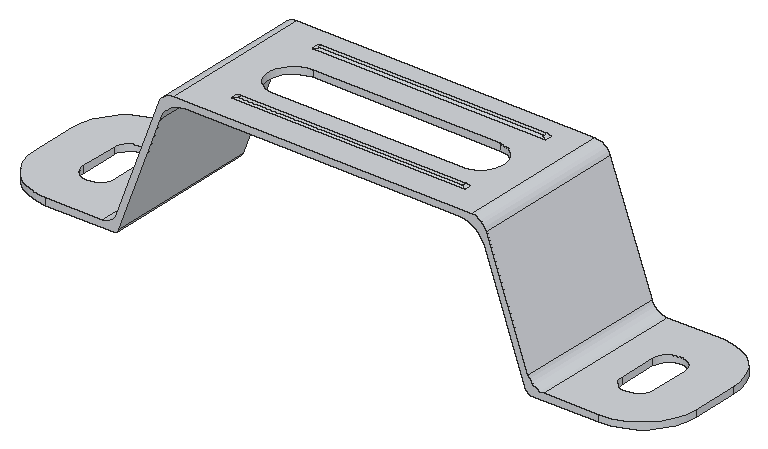
Revit family "THB75", category Generic Models, Revit 2017
Family settings
  Can host rebar = No
  Round Connector Dimension = Use Diameter
  Part Type = Normal
  Work Plane-Based = Yes
  Always vertical = No
  Cut with Voids When Loaded = No
  Shared = No
  Room Calculation Point = No
Parameters (values of type "NBS Standard Parameters")
  Weight = "0.059Kg"
  WarrantyStartDate [instance] = "1900-12-31T23:59:59"
  WarrantyGuarantorParts = "n/a"
  WarrantyGuarantorLabor = "n/a"
  WarrantyDurationUnit = "1 year"
  WarrantyDurationParts = "n/a"
  WarrantyDurationLabor = "n/a"
  WarrantyDescription = "n/a"
  Version = "1"
  Uniclass2 = "PR_65_701_11_18"
  TagNumber [instance] = "n/a"
  SustainabilityPerformance = "n/a"
  Size = "75"
  Shape = ""
  SerialNumber [instance] = "n/a"
  Revision = "n/a"
  ReplacementCost = "n/a"
  ProductInformation = "www.metpro.co.uk/pdf/thb75.pdf"
  NominalWidth = 28.5 mm
  NominalLength = 122 mm
  NominalHeight = 25.5 mm
  Name = ""
  NBSTypeID = ""
  NBSReference = "90-55-10/410"
  NBSOfficeMasterTag = ""
  NBSNote = ""
  NBSDescription = "Cable Trunking"
  NBSCertification = ""
  ModelReference = "THB75"
  ModelNumber = "n/a"
  Material = "Pre Galvanised Material"
  ManufacturerURL = "www.metpro.co.uk"
  ManufacturerName = "Metpro Ltd"
  Keynote = "Compliant to LU Standard 1-085"
  InstallationDate [instance] = "1900-12-31T23:59:59"
  IfcExportType = ""
  IfcExportAs = ""
  Grade = "n/a"
  Finish = "Pre Galvanised"
  Features = "n/a"
  ExpectedLife = "n/a"
  DurationUnit = "year"
  Description = "THB75  - 75mm Top Hat Bracket"
  Default Elevation = 1219.2 mm
  Constituents = "n/a"
  Color = "n/a"
  CodePerformance = "n/a"
  Category = "n/a"
  BarCode [instance] = "n/a"
  BIMObjectName = "Metpro_metprolibrary_cabletrunking_supportsystem_tophatbracket"
  Author = "Metpro Ltd"
  AssetType = ""
  AssetIdentifier [instance] = "n/a"
  AccessibilityPerformance = "n/a"
Reference planes
  plane 1 "Center (Front/Back)": y = 0
  plane 2: z = 0
  plane 3 "Center (Left/Right)": x = 0
Forms (mm)
  Extrusion 1, solid
    sketch origin (-5.002, -3.38, -6.2) x (-1, 0, 0) y (0, 0, 1)
      loop
        line (-93.538, 5) -> (-71.052, 5)
        arc (-71.052, 5) -> (-70.478, 5.181) -> (-70.112, 5.658) r 1
        line (-70.112, 5.658) -> (-62.45, 26.71)
        arc (-62.45, 26.71) -> (-60.619, 29.096) -> (-57.751, 30) r 5
        line (-57.751, 30) -> (-7.325, 30)
        arc (-7.325, 30) -> (-4.458, 29.096) -> (-2.627, 26.71) r 5
        line (-2.627, 26.71) -> (5.035, 5.658)
        arc (5.035, 5.658) -> (5.402, 5.181) -> (5.975, 5) r 1
        line (5.975, 5) -> (28.462, 5) -> (28.462, 6.2) -> (8.216, 6.2)
        arc (8.216, 6.2) -> (6.495, 6.743) -> (5.397, 8.174) r 3
        line (5.397, 8.174) -> (-2.266, 29.226)
        arc (-2.266, 29.226) -> (-3.364, 30.657) -> (-5.085, 31.2) r 3
        line (-5.085, 31.2) -> (-59.992, 31.2)
        arc (-59.992, 31.2) -> (-61.713, 30.657) -> (-62.811, 29.226) r 3
        line (-62.811, 29.226) -> (-70.474, 8.174)
        arc (-70.474, 8.174) -> (-71.572, 6.743) -> (-73.293, 6.2) r 3
        line (-73.293, 6.2) -> (-93.538, 6.2) -> (-93.538, 5)
    from 0 to 28.5
  Extrusion 2, void
    sketch origin (56.254, -4.863, 25) x (0, -1, 0) y (-1, 0, 0)
      loop
        arc (-20.163, 11.009) -> (-15.663, 6.509) -> (-11.163, 11.009) r 4.5
        line (-11.163, 11.009) -> (-11.163, 45.505)
        arc (-11.163, 45.505) -> (-15.663, 50.005) -> (-20.163, 45.505) r 4.5
        line (-20.163, 45.505) -> (-20.163, 11.009)
    from 0 to 3
  Blend 3, solid
    base sketch origin (54.99, -3.38, 25) x (-1, 0, 0) y (0, -1, 0)
      loop
        line (5.267, -5) -> (5.267, -6.337) -> (48.184, -6.337) -> (48.184, -5) -> (5.267, -5)
    top sketch origin (54.99, -3.38, 25) x (-1, 0, 0) y (0, -1, 0)
      loop
        arc (6.049, -5.3) -> (5.681, -5.668) -> (6.049, -6.037) r 0.368
        line (6.049, -6.037) -> (47.127, -6.037)
        arc (47.127, -6.037) -> (47.495, -5.668) -> (47.127, -5.3) r 0.368
        line (47.127, -5.3) -> (6.049, -5.3)
    from 0 to 0.3
  Blend 4, solid
    base sketch origin (54.99, 26.62, 25) x (-1, 0, 0) y (0, -1, 0)
      loop
        line (5.267, 5) -> (48.184, 5) -> (48.184, 6.337) -> (5.267, 6.337) -> (5.267, 5)
    top sketch origin (54.99, 26.62, 25) x (-1, 0, 0) y (0, -1, 0)
      loop
        line (6.049, 5.3) -> (47.127, 5.3)
        arc (47.127, 5.3) -> (47.495, 5.668) -> (47.127, 6.037) r 0.368
        line (47.127, 6.037) -> (6.049, 6.037)
        arc (6.049, 6.037) -> (5.681, 5.668) -> (6.049, 5.3) r 0.368
    from 0 to 0.3
  Extrusion 5, void
    sketch origin (0, 0, 0) x (1, 0, 0) y (0, 1, 0)
      loop
        line (-23.463, 25.12) -> (-23.463, 30.12) -> (-44.853, 30.12) -> (-44.853, -9.88) -> (-23.463, -9.88) -> (-23.463, -3.38)
        arc (-23.463, -3.38) -> (-30.534, -0.451) -> (-33.463, 6.62) r 10
        line (-33.463, 6.62) -> (-33.463, 15.12)
        arc (-33.463, 15.12) -> (-30.534, 22.191) -> (-23.463, 25.12) r 10
      loop
        line (88.537, 15.12) -> (88.537, 6.62)
        arc (88.537, 6.62) -> (85.608, -0.451) -> (78.537, -3.38) r 10
        line (78.537, -3.38) -> (78.537, -8.67) -> (94.812, -8.67) -> (94.812, 35.12) -> (78.537, 35.12) -> (78.537, 25.12)
        arc (78.537, 25.12) -> (85.608, 22.191) -> (88.537, 15.12) r 10
      loop
        line (-25.158, 14.306) -> (-25.158, 7.306)
        arc (-25.158, 7.306) -> (-22.158, 4.306) -> (-19.158, 7.306) r 3
        line (-19.158, 7.306) -> (-19.158, 14.306)
        arc (-19.158, 14.306) -> (-22.158, 17.306) -> (-25.158, 14.306) r 3
      loop
        line (74.231, 14.306) -> (74.231, 7.306)
        arc (74.231, 7.306) -> (77.231, 4.306) -> (80.231, 7.306) r 3
        line (80.231, 7.306) -> (80.231, 14.306)
        arc (80.231, 14.306) -> (77.231, 17.306) -> (74.231, 14.306) r 3
    from -5.797 to 0
Cuts and joins
  Extrusion 2, Extrusion 5 cuts Extrusion 1
Dimensions and locks
  aligned and locked: level to plane 2
